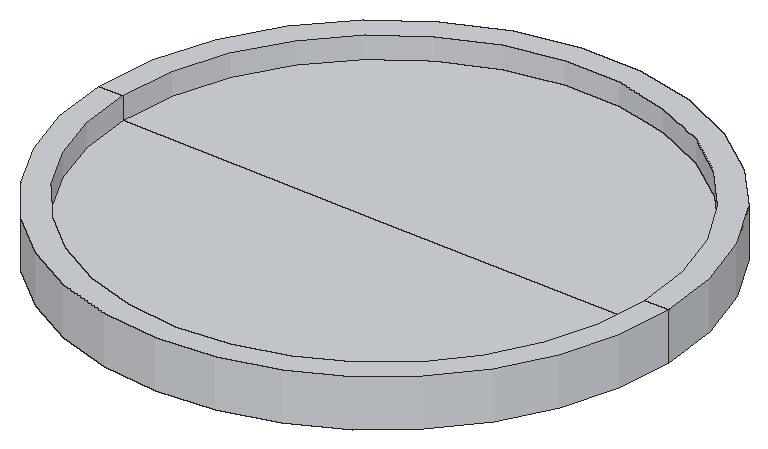
Revit family "Alcon-12182-S-12-Revit-Family", category Lighting Fixtures, host Ceiling, Revit 2021
Family settings
  Host = Ceiling
  Round Connector Dimension = Use Diameter
  Part Type = Normal
  Always vertical = Yes
  Cut with Voids When Loaded = No
  Light Source = Yes
  Shared = No
  Room Calculation Point = No
Parameters
  Wattage = 9.2903 W
  built-in parameter 1150110 = 1 (stored number, unit not read)
  built-in parameter 1114217 = 1 (stored number, unit not read)
  built-in parameter 1150109 = 1 (stored number, unit not read)
  built-in parameter 1150134 = 3
  built-in parameter 1150113 = 1 (stored number, unit not read)
  Product Identity = "Alcon Lighting 12182-S-12"
  Manufacturer = "Alcon Light"
  built-in parameter 1150105 = 439.27 (stored number, unit not read)
  Lumens = 1380 lm
  built-in parameter 1150115 = 1 (stored number, unit not read)
  Link To Product Page = "https://www.alconlighting.com/12182-s-12-disk-round.html"
  Light Source Symbol Size = 0' - 11"
  built-in parameter 1150137 = (empty or 0)
  built-in parameter 1150139 = (empty or 0)
  Lens = none
  built-in parameter 1150112 = 1 (stored number, unit not read)
  built-in parameter 1150114 = 1 (stored number, unit not read)
  built-in parameter 1150132 = (empty or 0)
  built-in parameter 1150102 = (empty or 0)
  built-in parameter 1150107 = 3200 (stored number, unit not read)
  built-in parameter 1150138 = (empty or 0)
  built-in parameter 1150106 = 4.3927 (stored number, unit not read)
  Housing = none
  Emit from Circle Diameter = 0' - 11"
  Emit Shape Visible in Rendering = no
  built-in parameter 1150104 = 13.8 (stored number, unit not read)
  Dimming Lamp Color Temperature Shift = (empty or 0)
  Default Elevation = 0' - 0"
  Color Filter = 16777215
  built-in parameter 1114218 = 1 (stored number, unit not read)
  built-in parameter 1150133 = 10 (stored number, unit not read)
Reference planes (in)
  plane 1 "Center (Front/Back)": y = 0
  plane 2 "Ceiling": z = 96
  plane 3 "Center (Left/Right)": x = 0
Forms (in)
  Revolve 1, solid, material <- "Lens"
    sketch origin (0, 0, 0) x (1, 0, 0) y (0, 0, 1)
      loop
        line (0, 95.54687) -> (0, 95.04688) -> (5.5, 95.04688) -> (5.5, 95.54687) -> (0, 95.54687)
      axis (0, 95.04688) -> (0, 95.54687)
    angle from 0 to 360
  Revolve 2, solid, material <- "Housing"
    sketch origin (0, 0, 0) x (1, 0, 0) y (0, 0, 1)
      loop
        line (6, 96) -> (5.5, 96) -> (5.5, 95) -> (6, 95) -> (6, 96)
      axis (0, 95) -> (0, 96)
    angle from 0 to 360
Dimensions and locks (in)
  equal spacing: host sketch curve, plane 3 "Center (Left/Right)", host sketch curve
  equal spacing: host sketch curve, plane 1 "Center (Front/Back)", host sketch curve
  host sketch curve to host sketch curve = 10' - 0"  (x2)
